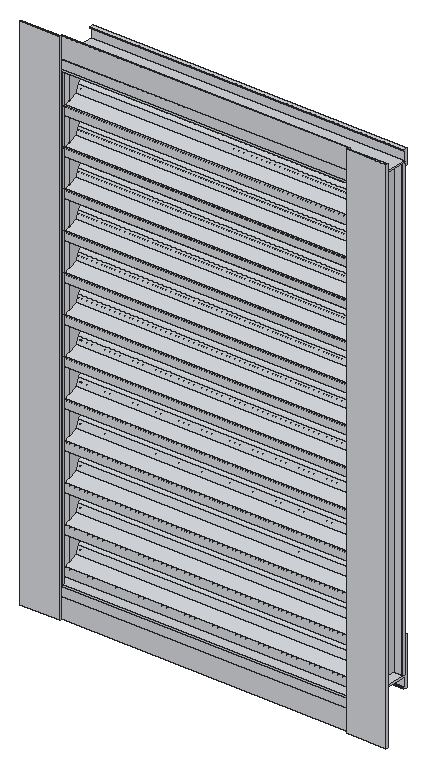
Revit family "BRFL-D-4", category Mechanical Equipment, Revit 2015
Parameters
  URL = "https://unitedenertech.com/catalog/pdf/A_19g%20BRFL-D-4.pdf"
  Type Comments = "Max. Single Section Size is (60\"w x 120\"h)"
  Model = "BRFL-D-4"
  Manufacturer = "United Enertech Corporation"
  Exact Width = 2' - 0"
  Exact Height = 3' - 1"
  Description = "Blase Resistant 4\" Fixed Louver"
  Blade Spacing [instance] = 0' - 2 7/8"
  Blade Number [instance] = (Exact Height - 0' 3 1/2") / Blade Spacing  # 12
  BW [instance] = Exact Width - 0' 1 3/4"  # 1' - 10 1/4"
Reference planes (in)
  plane 1 "Center (Front/Back)": y = 0
  plane 2: z = 0
  plane 3 "Center (Left/Right)": x = 0
  plane 4: x = -12
  plane 5: x = 12
  plane 6: z = 37
  plane 7: z = 36.081
  plane 8: z = 0.919
  plane 9: x = -11.122
  plane 10: x = 11.122
  plane 11: x = 14
  plane 12: x = 11
  plane 13: x = -14
  plane 14: x = -11
  plane 15: z = 36.76659
  plane 16: z = 0.23097
  plane 17: z = -1.51103
  plane 18: z = 38.50859
Forms (in)
  Extrusion 1, solid
    sketch origin (31.46673, -39.61762, -8.47728) x (0, 1, 0) y (0, 0, 1)
      loop
        line (35.94862, 8.47728) -> (35.94862, 8.80228) -> (35.49262, 8.80228) -> (35.49262, 9.27128) -> (39.49262, 9.27128) -> (39.49262, 8.55828) -> (39.38562, 8.55828) -> (39.38562, 8.47728) -> (39.61762, 8.47728) -> (39.61762, 12.15228) -> (39.49262, 12.15228) -> (39.49262, 9.39628) -> (35.31583, 9.39628) -> (35.31583, 9.27128) -> (35.36762, 9.27128) -> (35.36762, 8.55228) -> (35.58562, 8.55228) -> (35.58562, 8.63328) -> (35.44862, 8.63328) -> (35.44862, 8.72128) -> (35.86762, 8.72128) -> (35.86762, 8.63328) -> (35.80462, 8.63328) -> (35.80462, 8.55228) -> (35.86762, 8.55228) -> (35.86762, 8.47728) -> (35.94862, 8.47728)
    from -43.46673 to -19.46673
  Extrusion 2, solid
    sketch origin (31.4595, -39.6105, 22.36156) x (0, 1, 0) y (0, 0, 1)
      loop
        line (39.6105, 13.46944) -> (39.6105, 14.63844) -> (39.3785, 14.63844) -> (39.3785, 14.55744) -> (39.4855, 14.55744) -> (39.4855, 13.84444) -> (35.4855, 13.84444) -> (35.4855, 14.31344) -> (35.9415, 14.31344) -> (35.9415, 14.63844) -> (35.8605, 14.63844) -> (35.8605, 14.56344) -> (35.7975, 14.56344) -> (35.7975, 14.48244) -> (35.8605, 14.48244) -> (35.8605, 14.39444) -> (35.4415, 14.39444) -> (35.4415, 14.48244) -> (35.5785, 14.48244) -> (35.5785, 14.56344) -> (35.3605, 14.56344) -> (35.3605, 13.84444) -> (35.3085, 13.84444) -> (35.3085, 13.71944) -> (39.4855, 13.71944) -> (39.4855, 13.46944) -> (39.6105, 13.46944)
    from -43.4595 to -19.4595
  Extrusion 3, solid
    sketch origin (-59.06645, -12.98858, 0) x (1, 0, 0) y (0, 1, 0)
      loop
        line (47.06645, 12.86358) -> (47.06645, 12.67558) -> (47.14745, 12.67558) -> (47.14745, 12.73858) -> (47.81945, 12.73858) -> (47.81945, 9.78258) -> (47.11245, 9.78258) -> (47.11245, 9.31958) -> (47.06645, 9.31958) -> (47.06645, 9.23858) -> (47.11245, 9.23858) -> (47.11245, 9.17658) -> (47.19345, 9.17658) -> (47.19345, 9.23858) -> (47.28145, 9.23858) -> (47.28145, 8.81958) -> (47.19345, 8.81958) -> (47.19345, 8.95758) -> (47.11245, 8.95758) -> (47.11245, 8.73858) -> (48.08396, 8.73858) -> (48.08396, 8.68695) -> (48.19145, 8.68695) -> (48.19145, 8.86358) -> (47.90045, 8.86358) -> (47.90045, 8.97058) -> (47.81945, 8.97058) -> (47.81945, 8.86358) -> (47.40645, 8.86358) -> (47.40645, 9.40758) -> (47.23745, 9.40758) -> (47.23745, 9.67256) -> (47.94445, 9.67256) -> (47.94445, 12.81358) -> (48.19145, 12.81358) -> (48.19145, 12.86358) -> (47.06645, 12.86358)
    from 0.919 to 36.081
  Extrusion 4, solid
    sketch origin (59.06645, -12.98858, 0) x (-1, 0, 0) y (0, -1, 0)
      loop
        line (47.06645, -12.86358) -> (48.19145, -12.86358) -> (48.19145, -12.81358) -> (47.94445, -12.81358) -> (47.94445, -9.67256) -> (47.23745, -9.67256) -> (47.23745, -9.40758) -> (47.40645, -9.40758) -> (47.40645, -8.86358) -> (47.81945, -8.86358) -> (47.81945, -8.97058) -> (47.90045, -8.97058) -> (47.90045, -8.86358) -> (48.19145, -8.86358) -> (48.19145, -8.68695) -> (48.08396, -8.68695) -> (48.08396, -8.73858) -> (47.11245, -8.73858) -> (47.11245, -8.95758) -> (47.19345, -8.95758) -> (47.19345, -8.81958) -> (47.28145, -8.81958) -> (47.28145, -9.23858) -> (47.19345, -9.23858) -> (47.19345, -9.17658) -> (47.11245, -9.17658) -> (47.11245, -9.23858) -> (47.06645, -9.23858) -> (47.06645, -9.31958) -> (47.11245, -9.31958) -> (47.11245, -9.78258) -> (47.81945, -9.78258) -> (47.81945, -12.73858) -> (47.14745, -12.73858) -> (47.14745, -12.67558) -> (47.06645, -12.67558) -> (47.06645, -12.86358)
    from 0.919 to 36.081
  Extrusion 5, solid
    sketch origin (41.60531, -39.60884, 65.88393) x (0, 1, 0) y (0, 0, -1)
      loop
        line (35.85031, 29.11733) -> (35.53831, 29.11733) -> (35.53831, 29.04933) -> (35.58626, 29.04933) -> (35.58626, 28.95833) -> (35.36031, 28.95833) -> (35.36031, 27.37533) -> (35.44131, 27.37533) -> (35.44131, 28.85233) -> (35.84531, 28.85233) -> (35.84531, 28.94733) -> (35.78931, 28.94733) -> (35.78931, 29.04933) -> (35.85031, 29.04933) -> (35.85031, 29.11733)
    from 30.60531 to 52.60531
  Extrusion 6, solid
    sketch origin (41.60531, -39.60884, -29.88636) x (0, 1, 0) y (0, 0, -1)
      loop
        line (35.85031, -30.11733) -> (35.85031, -30.04933) -> (35.78931, -30.04933) -> (35.78931, -29.94733) -> (35.84531, -29.94733) -> (35.84531, -29.85233) -> (35.44131, -29.85233) -> (35.44131, -28.37533) -> (35.36031, -28.37533) -> (35.36031, -29.95833) -> (35.58626, -29.95833) -> (35.58626, -30.04933) -> (35.53831, -30.04933) -> (35.53831, -30.11733) -> (35.85031, -30.11733)
    from 30.60531 to 52.60531
  Extrusion 7, solid
    sketch origin (0, 0, 0) x (1, 0, 0) y (0, 1, 0)
      loop
        line (11, -4.302) -> (11, -4.427) -> (14, -4.427) -> (14, -4.302) -> (11, -4.302)
    from -1.51103 to 38.50859
  Extrusion 8, solid
    sketch origin (0, 0, 0) x (-1, 0, 0) y (0, -1, 0)
      loop
        line (11, 4.302) -> (14, 4.302) -> (14, 4.427) -> (11, 4.427) -> (11, 4.302)
    from -1.51103 to 38.50859
Dimensions and locks (in)
  equal spacing: plane 4, plane 3 "Center (Left/Right)", plane 5
  "Exact Width": plane 4 to plane 5
  "Exact Height": plane 6 to level
  locked: plane 8 to level at 0.919
  locked: plane 6 to plane 7 at 0.919
  equal spacing: group 1, group 2, group 3, group 4, group 5, group 6, group 7, group 8, group 9, group 10, group 11, group 12  (x2)
  equal spacing: group 12, group 11, group 10, group 9, group 8, group 7, group 6, group 5, group 4, group 3, group 2, group 1
  "Blade Spacing": nested 2 to nested 1
  locked: plane 4 to plane 9 at 0.878
  locked: plane 10 to plane 5 at 0.878
  locked: plane 12 to plane 5 at 1
  locked: plane 5 to plane 11 at 2
  locked: plane 4 to plane 14 at 1
  locked: plane 13 to plane 4 at 2
  locked: plane 6 to plane 15 at 0.23341
  locked: plane 16 to level at 0.23097
  locked: plane 18 to plane 6 at 1.50859
  locked: level to plane 17 at 1.51103
  aligned and locked: level to plane 2
  aligned and locked: plane 4 to Extrusion 1
  aligned and locked: plane 5 to Extrusion 1
  aligned and locked: plane 6 to Extrusion 2
  aligned and locked: plane 4 to Extrusion 2
  aligned and locked: plane 5 to Extrusion 2
  aligned and locked: plane 4 to Extrusion 3
  aligned and locked: plane 7 to Extrusion 3
  aligned and locked: Extrusion 3 to plane 8
  aligned and locked: plane 5 to Extrusion 4
  aligned and locked: Extrusion 4 to plane 8
  aligned and locked: plane 7 to Extrusion 4
  aligned and locked: plane 3 "Center (Left/Right)" to nested 1
  aligned and locked: plane 7 to nested 1
  aligned and locked: nested 1 to Extrusion 3
  aligned and locked: nested 2 to nested 1
  aligned and locked: Extrusion 5 to plane 15
  aligned and locked: Extrusion 5 to plane 14
  aligned and locked: Extrusion 5 to plane 12
  aligned and locked: plane 16 to Extrusion 6
  aligned and locked: Extrusion 6 to plane 14
  aligned and locked: Extrusion 6 to plane 12
  aligned and locked: Extrusion 7 sketch curve to plane 12
  aligned and locked: Extrusion 7 sketch curve to plane 11
  aligned and locked: Extrusion 7 to plane 17
  aligned and locked: plane 18 to Extrusion 7
  aligned and locked: plane 13 to Extrusion 8
  aligned and locked: plane 14 to Extrusion 8
  aligned and locked: plane 18 to Extrusion 8
  aligned and locked: Extrusion 8 to plane 17
Automatic sketch dimensions
  Extrusion 1 sketch curve to plane 8 = 0' - 0"
  Extrusion 1 sketch curve to level = 0' - 0"  (x2)
  Extrusion 1 sketch curve to plane 1 "Center (Front/Back)" = 0' - 0"
  plane 1 "Center (Front/Back)" to Extrusion 1 sketch curve = 0' - 0 1/8"  (x2)
  Extrusion 1 sketch curve to Extrusion 1 sketch curve = 0' - 0.107"
  plane 16 to Extrusion 1 sketch curve = 0' - 0.09403"
  Extrusion 1 sketch curve to Extrusion 1 sketch curve = 0' - 3.437"
  Extrusion 1 sketch curve to Extrusion 1 sketch curve = 0' - 0.081"  (x3)
  Extrusion 1 sketch curve to Extrusion 1 sketch curve = 0' - 0"
  Extrusion 1 sketch curve to Extrusion 1 sketch curve = 0' - 0.063"
  Extrusion 1 sketch curve to plane 16 = 0' - 0.07497"  (x2)
  Extrusion 1 sketch curve to Extrusion 1 sketch curve = 0' - 0.219"
  Extrusion 1 sketch curve to plane 8 = 0' - 0 1/8"  (x2)
  Extrusion 1 sketch curve to Extrusion 1 sketch curve = 0' - 0.093"
  Extrusion 1 sketch curve to Extrusion 1 sketch curve = 0' - 0.137"
  Extrusion 1 sketch curve to Extrusion 1 sketch curve = 0' - 0.0518"
  level to Extrusion 1 sketch curve = 0' - 0.075"  (x2)
  plane 16 to Extrusion 1 sketch curve = 0' - 0.01303"
  plane 8 to Extrusion 1 sketch curve = 0' - 2.756"
  Extrusion 2 sketch curve to plane 7 = 0' - 0"
  Extrusion 2 sketch curve to plane 6 = 0' - 0"  (x2)
  Extrusion 2 sketch curve to plane 1 "Center (Front/Back)" = 0' - 0"
  plane 1 "Center (Front/Back)" to Extrusion 2 sketch curve = 0' - 0 1/8"  (x2)
  Extrusion 2 sketch curve to Extrusion 2 sketch curve = 0' - 0.107"
  Extrusion 2 sketch curve to Extrusion 2 sketch curve = 0' - 3.437"
  Extrusion 2 sketch curve to Extrusion 2 sketch curve = 0' - 0.081"  (x3)
  Extrusion 2 sketch curve to plane 15 = 0' - 0.01059"
  Extrusion 2 sketch curve to Extrusion 2 sketch curve = 0' - 0.063"
  Extrusion 2 sketch curve to plane 6 = 0' - 0.075"  (x2)
  Extrusion 2 sketch curve to Extrusion 2 sketch curve = 0' - 0.219"
  plane 7 to Extrusion 2 sketch curve = 0' - 0 1/8"
  Extrusion 2 sketch curve to Extrusion 2 sketch curve = 0' - 0.093"
  Extrusion 2 sketch curve to Extrusion 2 sketch curve = 0' - 0.044"
  Extrusion 2 sketch curve to Extrusion 2 sketch curve = 0' - 0.052"
  Extrusion 2 sketch curve to plane 7 = 0' - 0 1/4"
  Extrusion 2 sketch curve to Extrusion 2 sketch curve = 0' - 0"
  Extrusion 2 sketch curve to plane 15 = 0' - 0.09159"
  plane 15 to Extrusion 2 sketch curve = 0' - 0.07741"  (x2)
  Extrusion 2 sketch curve to plane 6 = 0' - 0.081"
  Extrusion 3 sketch curve to plane 4 = 0' - 0"  (x2)
  Extrusion 3 sketch curve to plane 9 = 0' - 0"
  Extrusion 3 sketch curve to plane 4 = 0' - 0.046"  (x2)
  Extrusion 3 sketch curve to Extrusion 3 sketch curve = 0' - 0.046"
  Extrusion 3 sketch curve to Extrusion 3 sketch curve = 0' - 0.081"  (x5)
  Extrusion 3 sketch curve to Extrusion 3 sketch curve = 0' - 0 1/8"  (x2)
  Extrusion 3 sketch curve to Extrusion 3 sketch curve = 0' - 0.088"
  Extrusion 3 sketch curve to Extrusion 3 sketch curve = 0' - 0.169"  (x2)
  Extrusion 3 sketch curve to plane 9 = 0' - 0 1/8"  (x2)
  Extrusion 3 sketch curve to plane 9 = 0' - 0.044"
  plane 14 to Extrusion 3 sketch curve = 0' - 0.0175"
  plane 14 to Extrusion 3 sketch curve = 0' - 0 1/8"  (x2)
  plane 1 "Center (Front/Back)" to Extrusion 3 sketch curve = 0' - 4.30163"
  Extrusion 3 sketch curve to Extrusion 3 sketch curve = 0' - 0.05163"
  Extrusion 3 sketch curve to Extrusion 3 sketch curve = 0' - 0.044"
  Extrusion 3 sketch curve to Extrusion 3 sketch curve = 0' - 0.138"
  Extrusion 3 sketch curve to Extrusion 3 sketch curve = 0' - 0.107"
  Extrusion 3 sketch curve to Extrusion 3 sketch curve = 0' - 0.219"
  Extrusion 3 sketch curve to Extrusion 3 sketch curve = 0' - 0.062"  (x2)
  Extrusion 3 sketch curve to Extrusion 3 sketch curve = 0' - 0.26498"
  Extrusion 3 sketch curve to Extrusion 3 sketch curve = 0' - 0.11002"
  plane 1 "Center (Front/Back)" to Extrusion 3 sketch curve = 0' - 0.313"
  Extrusion 3 sketch curve to Extrusion 3 sketch curve = 0' - 0.063"
  Extrusion 3 sketch curve to Extrusion 3 sketch curve = 0' - 0.075"
  plane 1 "Center (Front/Back)" to Extrusion 3 sketch curve = 0' - 0 1/8"
  Extrusion 4 sketch curve to plane 5 = 0' - 0"  (x2)
  Extrusion 4 sketch curve to plane 10 = 0' - 0"
  plane 5 to Extrusion 4 sketch curve = 0' - 0.046"  (x3)
  plane 5 to Extrusion 4 sketch curve = 0' - 0.081"
  Extrusion 4 sketch curve to Extrusion 4 sketch curve = 0' - 0.081"  (x4)
  Extrusion 4 sketch curve to Extrusion 4 sketch curve = 0' - 0 1/8"  (x2)
  Extrusion 4 sketch curve to Extrusion 4 sketch curve = 0' - 0.088"
  Extrusion 4 sketch curve to Extrusion 4 sketch curve = 0' - 0.169"  (x2)
  plane 10 to Extrusion 4 sketch curve = 0' - 0 1/8"  (x2)
  plane 10 to Extrusion 4 sketch curve = 0' - 0.044"
  Extrusion 4 sketch curve to plane 12 = 0' - 0.0175"
  Extrusion 4 sketch curve to plane 12 = 0' - 0 1/8"  (x2)
  Extrusion 4 sketch curve to plane 1 "Center (Front/Back)" = 0' - 4.30163"
  Extrusion 4 sketch curve to Extrusion 4 sketch curve = 0' - 0.05163"
  Extrusion 4 sketch curve to Extrusion 4 sketch curve = 0' - 0.044"
  Extrusion 4 sketch curve to Extrusion 4 sketch curve = 0' - 0.138"
  Extrusion 4 sketch curve to Extrusion 4 sketch curve = 0' - 0.107"
  Extrusion 4 sketch curve to Extrusion 4 sketch curve = 0' - 0.219"
  Extrusion 4 sketch curve to Extrusion 4 sketch curve = 0' - 0.062"  (x2)
  Extrusion 4 sketch curve to Extrusion 4 sketch curve = 0' - 0.26498"
  Extrusion 4 sketch curve to Extrusion 4 sketch curve = 0' - 0.11002"
  Extrusion 4 sketch curve to plane 1 "Center (Front/Back)" = 0' - 0.313"
  Extrusion 4 sketch curve to Extrusion 4 sketch curve = 0' - 0.063"
  Extrusion 4 sketch curve to Extrusion 4 sketch curve = 0' - 0.075"
  Extrusion 4 sketch curve to plane 1 "Center (Front/Back)" = 0' - 0 1/8"
  Extrusion 5 sketch curve to plane 18 = 0' - 0"
  Extrusion 5 sketch curve to plane 15 = 0' - 0"
  plane 1 "Center (Front/Back)" to Extrusion 5 sketch curve = 0' - 4.24854"
  Extrusion 5 sketch curve to Extrusion 5 sketch curve = 0' - 0.081"
  plane 15 to Extrusion 5 sketch curve = 0' - 0.068"  (x2)
  Extrusion 5 sketch curve to Extrusion 5 sketch curve = 0' - 0.178"
  Extrusion 5 sketch curve to Extrusion 5 sketch curve = 0' - 0.04795"
  Extrusion 5 sketch curve to plane 6 = 0' - 0.06341"
  Extrusion 5 sketch curve to Extrusion 5 sketch curve = 0' - 0.20305"
  Extrusion 5 sketch curve to Extrusion 5 sketch curve = 0' - 0.056"
  Extrusion 5 sketch curve to Extrusion 5 sketch curve = 0' - 0.061"
  plane 6 to Extrusion 5 sketch curve = 0' - 0.03159"
  Extrusion 5 sketch curve to plane 6 = 0' - 0.07441"
  Extrusion 6 sketch curve to plane 17 = 0' - 0"
  Extrusion 6 sketch curve to plane 16 = 0' - 0"
  plane 1 "Center (Front/Back)" to Extrusion 6 sketch curve = 0' - 4.24854"
  Extrusion 6 sketch curve to Extrusion 6 sketch curve = 0' - 0.081"
  Extrusion 6 sketch curve to plane 16 = 0' - 0.068"  (x2)
  Extrusion 6 sketch curve to Extrusion 6 sketch curve = 0' - 0.178"
  Extrusion 6 sketch curve to Extrusion 6 sketch curve = 0' - 0.04795"
  level to Extrusion 6 sketch curve = 0' - 0.06097"
  Extrusion 6 sketch curve to Extrusion 6 sketch curve = 0' - 0.20305"
  Extrusion 6 sketch curve to Extrusion 6 sketch curve = 0' - 0.056"
  Extrusion 6 sketch curve to Extrusion 6 sketch curve = 0' - 0.061"
  level to Extrusion 6 sketch curve = 0' - 0.07197"
  Extrusion 6 sketch curve to level = 0' - 0.03403"
  plane 1 "Center (Front/Back)" to Extrusion 7 sketch curve = 0' - 4.427"
  Extrusion 7 sketch curve to Extrusion 7 sketch curve = 0' - 0 1/8"
  plane 14 to Extrusion 8 sketch curve = 0' - 0"
  Extrusion 8 sketch curve to plane 13 = 0' - 0"
  Extrusion 8 sketch curve to plane 1 "Center (Front/Back)" = 0' - 4.427"
  Extrusion 8 sketch curve to Extrusion 8 sketch curve = 0' - 0 1/8"
Nested families (in)
  nested 1: "Blade" at (0, 2.09139, 23.88052), type "Blade"
    with BW 1' - 10 1/4"
  nested 2: "Blade" at (0, 2.09139, 21.00552), type "Blade"
    with BW 1' - 10 1/4"
  nested 3: "Blade" at (0, 2.09139, 18.13052), type "Blade"
    with BW 1' - 10 1/4"
  nested 4: "Blade" at (0, 2.09139, 15.25552), type "Blade"
    with BW 1' - 10 1/4"
  nested 5: "Blade" at (0, 2.09139, 12.38052), type "Blade"
    with BW 1' - 10 1/4"
  nested 6: "Blade" at (0, 2.09139, 9.50552), type "Blade"
    with BW 1' - 10 1/4"
  nested 7: "Blade" at (0, 2.09139, 6.63052), type "Blade"
    with BW 1' - 10 1/4"
  nested 8: "Blade" at (0, 2.09139, 3.75552), type "Blade"
    with BW 1' - 10 1/4"
  nested 9: "Blade" at (0, 2.09139, 0.88052), type "Blade"
    with BW 1' - 10 1/4"
  nested 10: "Blade" at (0, 2.09139, -1.99448), type "Blade"
    with BW 1' - 10 1/4"
  nested 11: "Blade" at (0, 2.09139, -4.86948), type "Blade"
    with BW 1' - 10 1/4"
  nested 12: "Blade" at (0, 2.09139, -7.74448), type "Blade"
    with BW 1' - 10 1/4"
Definition of nested family "Blade"
  Parameters (values of type "Blade")
    BW = 1' - 0"
  Reference planes (in)
    plane 1 "Center (Front/Back)": y = 0
    plane 2: z = 0
    plane 3 "Center (Left/Right)": x = 0
    plane 4: x = -6
    plane 5: x = 6
  Forms (in)
    Extrusion 1, solid
      sketch origin (0, 0, 0) x (0, 1, 0) y (0, 0, 1)
        loop
          line (-2.63735, 12.20048) -> (-2.63735, 12.11431) -> (-2.47317, 12.11431) -> (-3.66419, 10.86549) -> (-4.35147, 10.74757)
          arc (-4.35147, 10.74757) -> (-4.52339, 10.66994) -> (-4.63577, 10.51842) r 0.375
          line (-4.63577, 10.51842) -> (-4.84277, 10.00593) -> (-6.13539, 9.36402) -> (-6.13539, 9.69573) -> (-5.99738, 9.56853) -> (-5.94248, 9.62809) -> (-6.21639, 9.88055) -> (-6.21639, 9.18423) -> (-4.74571, 9.91247) -> (-4.60111, 10.27046)
          arc (-4.60111, 10.27046) -> (-4.34786, 10.05242) -> (-4.03366, 10.16622) r 0.331
          line (-4.03366, 10.16622) -> (-4.09591, 10.21804)
          arc (-4.09591, 10.21804) -> (-4.53379, 10.42398) -> (-4.05107, 10.45757) r 0.25
          line (-4.05107, 10.45757) -> (-3.97429, 10.48336)
          arc (-3.97429, 10.48336) -> (-4.02965, 10.58482) -> (-4.11652, 10.66106) r 0.331
          line (-4.11652, 10.66106) -> (-3.60228, 10.74929) -> (-2.21825, 12.20048) -> (-2.63735, 12.20048)
      from -6 to 6
  Dimensions and locks (in)
    equal spacing: plane 5, plane 3 "Center (Left/Right)", plane 4
    "BW": plane 5 to plane 4
    aligned and locked: level to plane 2
    aligned and locked: Extrusion 1 to plane 4
    aligned and locked: plane 5 to Extrusion 1
  Automatic sketch dimensions
    Extrusion 1 sketch curve to Extrusion 1 sketch curve = 0' - 0"  (x12)
    plane 1 "Center (Front/Back)" to Extrusion 1 sketch curve = 0' - 6.21639"
    Extrusion 1 sketch curve to Extrusion 1 sketch curve = 0' - 0.081"
    Extrusion 1 sketch curve to Extrusion 1 sketch curve = 0' - 0.13801"
    Extrusion 1 sketch curve to Extrusion 1 sketch curve = 0' - 0.0549"
    Extrusion 1 sketch curve to Extrusion 1 sketch curve = 0' - 1.09971"
    Extrusion 1 sketch curve to Extrusion 1 sketch curve = 0' - 0.09706"
    Extrusion 1 sketch curve to Extrusion 1 sketch curve = 0' - 0.20701"
    Extrusion 1 sketch curve to Extrusion 1 sketch curve = 0' - 0.03465"
    Extrusion 1 sketch curve to Extrusion 1 sketch curve = 0' - 0.28429"
    Extrusion 1 sketch curve to Extrusion 1 sketch curve = 0' - 0.31305"
    Extrusion 1 sketch curve to Extrusion 1 sketch curve = 0' - 0.23495"
    Extrusion 1 sketch curve to Extrusion 1 sketch curve = 0' - 0.19215"
    Extrusion 1 sketch curve to Extrusion 1 sketch curve = 0' - 0.06545"
    Extrusion 1 sketch curve to Extrusion 1 sketch curve = 0' - 0.06226"
    Extrusion 1 sketch curve to Extrusion 1 sketch curve = 0' - 0.07678"
    Extrusion 1 sketch curve to Extrusion 1 sketch curve = 0' - 0.3101"
    Extrusion 1 sketch curve to Extrusion 1 sketch curve = 0' - 0.06191"
    Extrusion 1 sketch curve to Extrusion 1 sketch curve = 0' - 1.02684"
    Extrusion 1 sketch curve to Extrusion 1 sketch curve = 0' - 0.16418"
    Extrusion 1 sketch curve to Extrusion 1 sketch curve = 0' - 0.25492"
    level to Extrusion 1 sketch curve = 0' - 9.18423"
    Extrusion 1 sketch curve to Extrusion 1 sketch curve = 0' - 0.17979"
    Extrusion 1 sketch curve to Extrusion 1 sketch curve = 0' - 0.20451"
    Extrusion 1 sketch curve to Extrusion 1 sketch curve = 0' - 0.05956"
    Extrusion 1 sketch curve to Extrusion 1 sketch curve = 0' - 0.28438"
    Extrusion 1 sketch curve to Extrusion 1 sketch curve = 0' - 0.09346"
    Extrusion 1 sketch curve to Extrusion 1 sketch curve = 0' - 0.25375"
    Extrusion 1 sketch curve to Extrusion 1 sketch curve = 0' - 0.05182"
    Extrusion 1 sketch curve to Extrusion 1 sketch curve = 0' - 0.26453"
    Extrusion 1 sketch curve to Extrusion 1 sketch curve = 0' - 0.02579"
    Extrusion 1 sketch curve to Extrusion 1 sketch curve = 0' - 0.24796"
    Extrusion 1 sketch curve to Extrusion 1 sketch curve = 0' - 0.26592"
    Extrusion 1 sketch curve to Extrusion 1 sketch curve = 0' - 0.1162"
    Extrusion 1 sketch curve to Extrusion 1 sketch curve = 0' - 1.24881"
    Extrusion 1 sketch curve to Extrusion 1 sketch curve = 0' - 0.08617"
